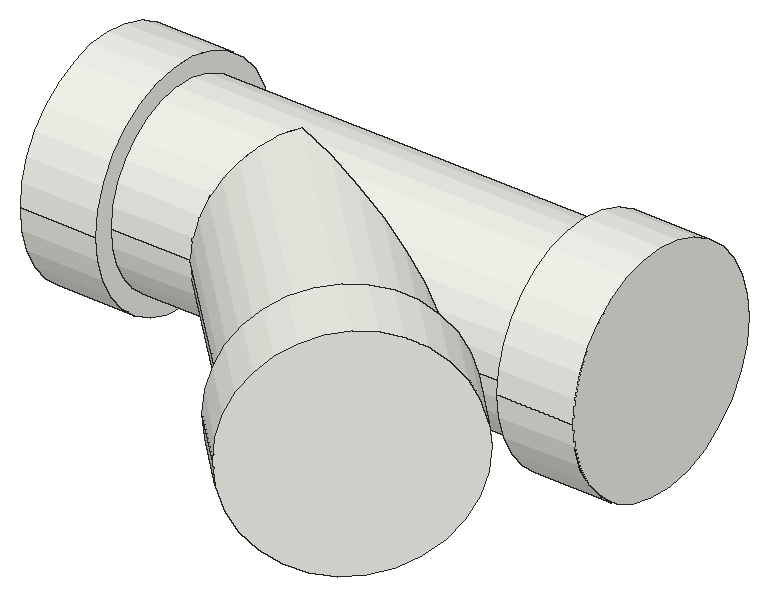
Revit family "Juncao", category Pipe Fittings, Revit 2025
Family settings
  Round Connector Dimension = Use Radius
  Part Type = Wye
  OmniClass Number = 23.60.30.11.14
  OmniClass Title = Pipework Fittings
  Work Plane-Based = No
  Always vertical = Yes
  Cut with Voids When Loaded = No
  Shared = No
Parameters
  Loss Method = Not Defined
  Lookup Table Name = "Wye Plain - PVC - Sch 40 - DWV"
  Default Elevation = 0' - 0"
  Center to Socket Bottom Label [instance] = if(Angle > 90.00°, Socket Bottom to Socket Bottom Run - Center to Socket Bottom Run, if(Center to Socket Bottom Branch * tan(Angle 1 / 2) > Socket Outside Radius, Socket Bottom to Socket Bottom Run - Center to Socket Bottom Run, Socket Outside Radius / tan(Angle 1 / 2)))  # 2 9/16"
  Wall Thickness [instance] = size_lookup(Lookup Table Name, "WThk", 0.02 * Nominal Diameter + 33/256", Nominal Diameter)  # 0.156"
  Tick Size [instance] = Fitting Outside Diameter * 0.4  # 0.664"
  Socket Outside Radius [instance] = Socket Outside Diameter / 2  # 0.9935"
  Socket Outside Diameter [instance] = Socket Entrance Diameter + Wall Thickness * 2  # 1.987"
  Socket Entrance Diameter [instance] = size_lookup(Lookup Table Name, "SED", 1.04 * Nominal Diameter + 95/256", Nominal Diameter)  # 1.675"
  Socket Depth [instance] = size_lookup(Lookup Table Name, "SDpt", 0.48 * Nominal Diameter + 5/256", Nominal Diameter)  # 0.687"
  Socket Bottom to Socket Bottom Run [instance] = size_lookup(Lookup Table Name, "SBtSBR", 1.46 * Nominal Diameter + 2", Nominal Diameter)  # 3 5/8"
  Nominal Radius [instance] = 5/8"
  Nominal Diameter [instance] = Nominal Radius * 2  # 1 1/4"
  Fitting Outside Radius [instance] = Fitting Outside Diameter / 2  # 0.83"
  Fitting Outside Diameter [instance] = size_lookup(Lookup Table Name, "FOD", 1.04 * Nominal Diameter + 23/64", Nominal Diameter)  # 1.66"
  Center to Socket Bottom Run Label [instance] = if(Angle < 90.00°, Center to Socket Bottom Run, if(and(Angle > 135.00°, Center to Socket Bottom Branch * tan(Angle 1 / 2) > Socket Outside Radius), Center to Socket Bottom Run, Socket Outside Radius / tan(Angle 1 / 2)))  # 1 1/16"
  Center to Socket Bottom Run [instance] = size_lookup(Lookup Table Name, "CtSBR", 0.2 * Nominal Diameter + 223/256", Nominal Diameter)  # 1 1/16"
  Center to Socket Bottom Branch Label [instance] = if(Center to Socket Bottom Branch * tan(Angle 1 / 2) > Socket Outside Radius, Center to Socket Bottom Branch, Socket Outside Radius / tan(Angle 1 / 2))  # 2 9/16"
  Center to Socket Bottom Branch [instance] = size_lookup(Lookup Table Name, "CtSBB", 1.26 * Nominal Diameter + 1 33/256", Nominal Diameter)  # 2 9/16"
  Angle 1 [instance] = if(Angle > 90.00°, 180.00° - Angle, Angle)  # 45.00°
  Angle [instance] = 45.00°
Reference planes (in)
  plane 1 "Center (Front/Back)": y = 0
  plane 2: z = 0
  plane 3 "Center (Left/Right)": x = 0
  plane 4: x = -1.7495
  plane 5: x = -1.0625
  plane 6: x = 3.2495
  plane 7: x = 2.5625
Forms (in)
  Sweep 1, solid, material "PVC", detail levels fine
    path in 3D
      loop
        line (-1.0625, 0, 0) -> (-1.7495, 0, 0)
    profile origin (-1.406, 0, 0) x (0, -1, 0) y (0, 0, 1)
      loop
        circle (0, 0) r 0.9935
  Sweep 2, solid, material "PVC", detail levels fine
    path in 3D
      loop
        line (-1.0625, 0, 0) -> (2.5625, 0, 0)
    profile origin (0.75, 0, 0) x (0, 1, 0) y (0, 0, 1)
      loop
        circle (0, 0) r 0.83
  Sweep 3, solid, material "PVC", detail levels fine
    path in 3D
      loop
        line (2.5625, 0, 0) -> (3.2495, 0, 0)
    profile origin (2.906, 0, 0) x (0, 1, 0) y (0, 0, 1)
      loop
        circle (0, 0) r 0.9935
  Sweep 4, solid, material "PVC", detail levels fine
    path in 3D
      loop
        line (0, 0, 0) -> (1.81196, -1.81196, 0)
    profile origin (0.90598, -0.90598, 0) x (0.707107, 0.707107, 0) y (0, 0, 1)
      loop
        circle (0, 0) r 0.83
  Sweep 5, solid, material "PVC", detail levels fine
    path in 3D
      loop
        line (1.81196, -1.81196, 0) -> (2.29774, -2.29774, 0)
    profile origin (2.05485, -2.05485, 0) x (0.707107, 0.707107, 0) y (0, 0, 1)
      loop
        circle (0, 0) r 0.9935
Cuts and joins
  joined: Sweep 1, Sweep 2, Sweep 3, Sweep 4, Sweep 5
Lines and regions (in)
  model lines, detail levels coarse+medium
    curve 1: line (-1.0625, 0, 0) -> (2.5625, 0, 0)
    curve 2: line (-1.0625, 0, 0) -> (-1.7495, 0, 0)
    curve 3: line (2.5625, 0, 0) -> (3.2495, 0, 0)
    curve 4: line (0, 0, 0) -> (1.81196, -1.81196, 0)
    curve 5: line (1.81196, -1.81196, 0) -> (2.29774, -2.29774, 0)
    curve 11: line (-1.7495, 0, 0) -> (-1.7495, 0.664, 0)
    curve 12: line (-1.7495, 0, 0) -> (-1.7495, -0.664, 0)
    curve 13: line (3.2495, 0, 0) -> (3.2495, 0.664, 0)
    curve 14: line (3.2495, 0, 0) -> (3.2495, -0.664, 0)
    curve 15: line (2.29774, -2.29774, 0) -> (2.76726, -1.82822, 0)
    curve 16: line (2.29774, -2.29774, 0) -> (1.82822, -2.76726, 0)
  sketch lines
    curve 6: line (-1.0625, 0, 0) -> (-1.7495, 0, 0)
    curve 7: line (-1.0625, 0, 0) -> (2.5625, 0, 0)
    curve 8: line (2.5625, 0, 0) -> (3.2495, 0, 0)
    curve 9: line (0, 0, 0) -> (1.81196, -1.81196, 0)
    curve 10: line (1.81196, -1.81196, 0) -> (2.29774, -2.29774, 0)
  reference lines
    curve 17: line (-1.7495, 0, 0) -> (-1.0625, 0, 0)
    curve 18: line (3.2495, 0, 0) -> (2.5625, 0, 0)
    curve 19: line (0, 0, 0) -> (1.81196, -1.81196, 0)
    curve 20: line (1.81196, -1.81196, 0) -> (2.29774, -2.29774, 0)
    curve 21: line (2.29774, -2.29774, 0) -> (1.81196, -1.81196, 0)
Dimensions and locks (in)
  "Center to Socket Bottom Run Label": curve 1 to plane 3 "Center (Left/Right)"
  "Center to Socket Bottom Label": plane 3 "Center (Left/Right)" to curve 1
  "Socket Depth": curve 2 to curve 2
  "Socket Depth": curve 3 to curve 3
  "Center to Socket Bottom Branch Label": curve 4 to curve 4
  "Socket Depth": curve 5 to curve 5
  "Tick Size": curve 11 to curve 11
  "Tick Size": curve 12 to curve 12
  "Tick Size": curve 13 to curve 13
  "Tick Size": curve 14 to curve 14
  "Tick Size": curve 15 to curve 15
  "Tick Size": curve 16 to curve 16
  "Center to Socket Bottom Run Label": plane 5 to plane 3 "Center (Left/Right)"
  "Socket Depth": plane 4 to plane 5
  "Center to Socket Bottom Label": plane 3 "Center (Left/Right)" to plane 7
  "Socket Depth": plane 7 to plane 6
  "Center to Socket Bottom Branch Label": curve 19 to curve 20
  "Socket Depth": curve 20 to curve 20
  "Socket Outside Radius": radius of Sweep 1 sketch curve
  "Fitting Outside Radius": radius of Sweep 2 sketch curve
  "Socket Outside Radius": radius of Sweep 3 sketch curve
  "Fitting Outside Radius": radius of Sweep 4 sketch curve
  "Socket Outside Radius": radius of Sweep 5 sketch curve
  "Angle": angle curve 4 to curve 1
  "Angle": angle curve 5 to curve 1
  angle curve 1 to curve 11 = 90.00°
  angle curve 12 to curve 1 = 90.00°
  angle curve 13 to curve 1 = 90.00°
  angle curve 1 to curve 14 = 90.00°
  angle curve 15 to curve 4 = 90.00°
  angle curve 4 to curve 16 = 90.00°
  "Angle": angle curve 19 to plane 1 "Center (Front/Back)"
  "Angle": angle curve 20 to plane 1 "Center (Front/Back)"
  "Angle": angle curve 21 to plane 1 "Center (Front/Back)"
  aligned and locked: plane 1 "Center (Front/Back)" to curve 1
  aligned and locked: plane 3 "Center (Left/Right)" to curve 4
  aligned and locked: plane 1 "Center (Front/Back)" to curve 4
  aligned and locked: plane 1 "Center (Front/Back)" to Sweep 1 sketch curve
  aligned and locked: plane 2 to Sweep 1 sketch curve
  aligned and locked: plane 1 "Center (Front/Back)" to Sweep 2 sketch curve
  aligned and locked: plane 2 to Sweep 2 sketch curve
  aligned and locked: plane 2 to Sweep 4 sketch curve
  aligned and locked: plane 2 to Sweep 5 sketch curve
  aligned and locked: plane 4 to curve 17
  aligned and locked: plane 1 "Center (Front/Back)" to curve 17
  aligned and locked: plane 6 to curve 18
  aligned and locked: curve 18 to plane 1 "Center (Front/Back)"
  aligned and locked: plane 1 "Center (Front/Back)" to curve 19
  aligned and locked: plane 3 "Center (Left/Right)" to curve 19
  aligned: plane 1 "Center (Front/Back)" to cut or joined group of Sweep 1, Sweep 2, Sweep 3, Sweep 4, Sweep 5
Automatic sketch dimensions
  Sweep 3 sketch curve to profile plane = 0' - 0"  (x2)
  Sweep 4 sketch curve to profile plane = 0' - 0"
  Sweep 5 sketch curve to profile plane = 0' - 0"
  curve 17 to plane 5 = 0' - 0"
  curve 18 to plane 7 = 0' - 0"
Connectors (in)
  piping at (-1.7495, 0, 0), diameter 1.25, driven by "Nominal Radius"
    settings: on cut or joined group of Sweep 1, Sweep 2, Sweep 3, Sweep 4, Sweep 5, index 1, connector inside diameter 1 1/4", connector length 0' - 0", flow factor 0, pipe flow 0 GPM, pressure drop 0.00 psi, fitting loss kfactor 0, connector angle 0.00°, fixture units 0, engagement length 0' - 0", angle of deflection 0.00°, flow configuration 0, flow direction 0, fitting loss method 0, system type 28, joint type 0, gender type 0, connector reference index 2, connector utility 0, adjustable connector no, is connector primary yes, connector description ""
  piping at (3.2495, 0, 0), diameter 1.25, driven by "Nominal Radius"
    settings: on cut or joined group of Sweep 1, Sweep 2, Sweep 3, Sweep 4, Sweep 5, index 2, connector inside diameter 1 1/4", connector length 0' - 0", flow factor 0, pipe flow 0 GPM, pressure drop 0.00 psi, fitting loss kfactor 0, connector angle 0.00°, fixture units 0, engagement length 0' - 0", angle of deflection 0.00°, flow configuration 0, flow direction 0, fitting loss method 0, system type 28, joint type 0, gender type 0, connector reference index 1, connector utility 0, adjustable connector no, is connector primary no, connector description ""
  piping at (2.29774, -2.29774, 0), diameter 1.25, driven by "Nominal Radius", driven by "Angle"
    settings: on cut or joined group of Sweep 1, Sweep 2, Sweep 3, Sweep 4, Sweep 5, index 3, connector inside diameter 1 1/4", connector length 0' - 0", flow factor 0, pipe flow 0 GPM, pressure drop 0.00 psi, fitting loss kfactor 0, connector angle 45.00°, fixture units 0, engagement length 0' - 0", angle of deflection 0.00°, flow configuration 0, flow direction 0, fitting loss method 0, system type 28, joint type 0, gender type 0, connector reference index -1, connector utility 0, adjustable connector no, is connector primary no, connector description ""
